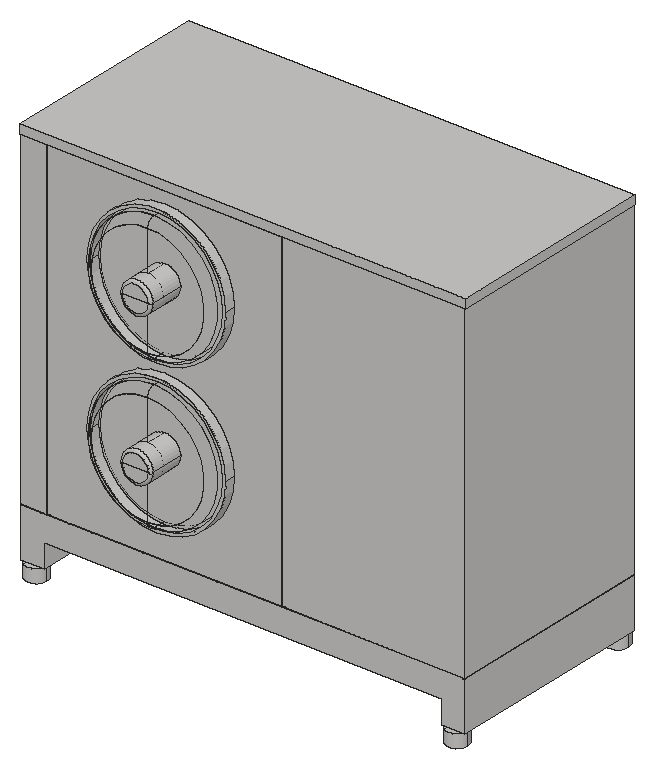
Revit family "QF_NuovAIR_CU-N260T1----", category Specialty Equipment, Revit 2019
Family settings
  Round Connector Dimension = Use Diameter
  Part Type = Normal
  Work Plane-Based = No
  Always vertical = Yes
  Cut with Voids When Loaded = No
  Shared = No
  Room Calculation Point = No
Parameters (values of type "CU-N260T1_400V 50A")
  Weight = 471.00 kg
  Volts = 400 V
  Volt Free Conn = no
  URL Manufacturer = "https://www.nuovair.com/"
  URL Cutsheet = "N260T1-en-1.pdf"
  URL = ""
  Show Logo [instance] = yes
  Show Clearance [instance] = no
  Refrigeration Suction Line Size = 35 mm
  Refrigeration Liquid Line Size = 18 mm
  Refrigeration Energy Efficiency Index = ""
  Refrigeration Climate Class = ""
  Refrigerant Type = "R452a"
  Refrigerant Compressor Remote = no
  Potential Equalisation = yes
  Phase = 3
  Number of Poles = 3
  Model = "CU-N260T1"
  Mat_Legs = QF_Stainless-Brushed
  Mat_Clearance = QF_Clearance
  Mat_Case = QF_Stainless-Brushed
  Masterspec = ""
  Manufacturer = "NUOVAIR"
  Main switch integrated = no
  Length Actual = 1700 mm  # constant formula
  Legs_R = 40 mm  # constant formula
  Keynote = "0"
  Item Number = "CU-N260T1"
  Identify Quantity as Lot = no
  Horse Power = "15"
  Height Actual = 1545 mm  # constant formula
  Foodservice Equipment Identifier = yes
  Energy Efficiency Labelling = ""
  FL Amps = 29 A
  Electric power = 14500000 W
  Elec Connection Height = 400 mm
  Ele_Note = ""
  Direct Waste Size = 0 mm
  Direct Waste Connection Height = 0 mm
  Description = "Condensing Unit"
  Description_FR = ""
  Description_ES = ""
  Description_EN = ""
  Description_DE = ""
  Depth Actual = 945 mm  # constant formula
  Cycle = 50 Hz
  Conn Plug = "terminal block"
  CE Approved = yes
  Author = ""
  Accessory = no
Types (3, lengths in mm): name | Volts | FL Amps | Cycle
  CU-N260T1_400V 50A | 400 V | 29 A | 50 Hz
  CU-N260T1_440V 60A | 440 V | 31.9 A | 60 Hz
  CU-N260T1_230V 60A | 230 V | 60.5 A | 60 Hz
Reference planes
  plane 1 "Center (Front/Back)": y = 0
  plane 2: z = 0
  plane 3 "Center (Left/Right)": x = 0
  plane 4 "SX": x = -850
  plane 5 "DX": x = 850
  plane 6: y = -945
  plane 7: y = -2945
  plane 8 "top": z = 1545
  plane 9: y = 500
  plane 10: x = 1350
  plane 11: x = -1350
  plane 12 "Base": z = 140
  plane 13: z = 1510
  plane 14 "Logo_N": z = 50
  plane 15: x = -805
  plane 16: x = 805
  plane 17: y = -17.5
  plane 18: y = -787.5
  plane 19: y = -805
  plane 20 "Ventilator_X": x = -300
  plane 21 "Ventilator_Z_01": z = 620
  plane 22 "Ventilator_Z_02": z = 1200
  plane 23: z = 240
  plane 24: x = -750
  plane 25: x = 150
  plane 26: y = -100
Forms (mm)
  Extrusion 1, solid, material "QF_Clearance" <- "Mat_Clearance", visible <- "Show Clearance"
    sketch origin (0, 0, 0) x (1, 0, 0) y (0, 1, 0)
      loop
        line (-850, 500) -> (-850, -2945) -> (850, -2945) -> (850, 500) -> (-850, 500)
    from 0 to 1545
  Extrusion 2, solid, material "QF_Clearance" <- "Mat_Clearance", visible <- "Show Clearance"
    sketch origin (0, 0, 0) x (1, 0, 0) y (0, 1, 0)
      loop
        line (-850, 0) -> (-850, -945) -> (850, -945) -> (850, 0) -> (-850, 0)
    from 0 to 1545
  Extrusion 3, solid, material "QF_Stainless-Brushed" <- "Mat_Case", detail levels medium+fine
    sketch origin (0, 0, 140) x (-1, 0, 0) y (0, -1, 0)
      loop
        line (850, 0) -> (850, 805) -> (-850, 805) -> (-850, 0) -> (850, 0)
    from 0 to 1370
  Extrusion 4, solid, material "QF_Clearance", visible <- "Show Clearance"
    sketch origin (0, 0, 0) x (1, 0, 0) y (0, 1, 0)
      loop
        line (-1350, -945) -> (1350, -945) -> (1350, 0) -> (-1350, 0) -> (-1350, -945)
    from 0 to 1545
  Extrusion 5, solid, material "QF_Stainless-Brushed" <- "Mat_Legs", detail levels medium+fine
    sketch origin (0, 0, 0) x (1, 0, 0) y (0, 1, 0)
      loop
        circle (-805, -17.5) r 40
      loop
        circle (805, -17.5) r 40
      loop
        circle (-805, -787.5) r 40
      loop
        circle (805, -787.5) r 40
    from 0 to 50
  Extrusion 6, solid, material "QF_Stainless-Brushed" <- "Mat_Case", detail levels medium+fine
    sketch origin (0, 0, 140) x (-1, 0, 0) y (0, -1, 0)
      loop
        line (850, 805) -> (760, 805) -> (760, 0) -> (850, 0) -> (850, 805)
      loop
        line (-760, 805) -> (-850, 805) -> (-850, 0) -> (-760, 0) -> (-760, 805)
    from -90 to 0
  Extrusion 7, solid, material "QF_Stainless-Brushed", detail levels medium+fine
    sketch origin (-1430.553, -1524, 1510) x (-1, 0, 0) y (0, -1, 0)
      loop
        line (-578.553, -1526) -> (-578.553, -717) -> (-2282.553, -717) -> (-2282.553, -1526) -> (-578.553, -1526)
    from 0 to 35
  Sweep 8, void
    path origin (-1430.553, -1524, 240) x (-1, 0, 0) y (0, -1, 0)
      loop
        line (-580.553, -719) -> (-2280.553, -719) -> (-2280.553, -1524) -> (-580.553, -1524) -> (-580.553, -719)
    profile "PRF_scalpel : PRF_scalpel" origin (0, -805, 240) x (0, 1, 0) y (0, 0, 1)
      loop
        line (1, 0) -> (-1, 2) -> (-51, 2) -> (-51, -2) -> (-1, -2) -> (1, 0)
  Sweep 9, void
    path origin (-1543.062, -805, 7500) x (-1, 0, 0) y (0, 0, 1)
      loop
        line (-793.062, -5990) -> (-793.062, -7260)
    profile "PRF_scalpel : PRF_scalpel" origin (-750, -805, 875) x (-1, 0, 0) y (0, 1, 0)
      loop
        line (0, 1) -> (-2, -1) -> (-2, -51) -> (2, -51) -> (2, -1) -> (0, 1)
  Sweep 10, void
    path origin (-383.062, -805, 7500) x (-1, 0, 0) y (0, 0, 1)
      loop
        line (-533.062, -5990) -> (-533.062, -7260)
    profile "PRF_scalpel : PRF_scalpel" origin (150, -805, 875) x (-1, 0, 0) y (0, 1, 0)
      loop
        line (0, 1) -> (-2, -1) -> (-2, -51) -> (2, -51) -> (2, -1) -> (0, 1)
  Sweep 11, void
    path origin (-850, 180.447, 4000) x (0, 1, 0) y (0, 0, 1)
      loop
        line (-280.447, -2490) -> (-280.447, -3760)
    profile "PRF_scalpel : PRF_scalpel" origin (-850, -100, 875) x (0, 1, 0) y (1, 0, 0)
      loop
        line (0, 1) -> (-2, -1) -> (-2, -51) -> (2, -51) -> (2, -1) -> (0, 1)
  Sweep 12, void
    path origin (0, 0, 0) x (1, 0, 0) y (0, 0, 1)
      loop
        line (150, 1510) -> (150, 240)
    profile "PRF_scalpel : PRF_scalpel" origin (150, 0, 875) x (1, 0, 0) y (0, -1, 0)
      loop
        line (0, 1) -> (-2, -1) -> (-2, -51) -> (2, -51) -> (2, -1) -> (0, 1)
  Sweep 13, void
    path origin (-760, 0, 0) x (1, 0, 0) y (0, 0, 1)
      loop
        line (10, 1510) -> (10, 240)
    profile "PRF_scalpel : PRF_scalpel" origin (-750, 0, 875) x (1, 0, 0) y (0, -1, 0)
      loop
        line (0, 1) -> (-2, -1) -> (-2, -51) -> (2, -51) -> (2, -1) -> (0, 1)
Cuts and joins
  joined: Extrusion 1, Extrusion 2
  Sweep 8, Sweep 9, Sweep 10, Sweep 11, Sweep 12, Sweep 13 cuts Extrusion 3
  joined: Extrusion 3, Extrusion 6
Lines and regions (mm)
  model lines, style "InvisibleLines"
    curve 1: line (-50, 0, 0) -> (50, 0, 0)
    curve 2: line (0, 50, 0) -> (0, -50, 0)
  model lines, style "QF_Case", detail levels coarse
    curve 3: line (-850, 0, 0) -> (850, 0, 0)
    curve 4: line (-850, -945, 0) -> (-850, 0, 0)
    curve 5: line (850, -945, 0) -> (-850, -945, 0)
    curve 6: line (850, 0, 0) -> (850, -945, 0)
    curve 7: line (850, -945, 1545) -> (850, -945, 0)
    curve 8: line (850, 0, 1545) -> (850, 0, 0)
    curve 9: line (-850, -945, 1545) -> (-850, -945, 0)
    curve 10: line (-850, 0, 1545) -> (-850, 0, 0)
    curve 11: line (-850, 0, 1545) -> (850, 0, 1545)
    curve 12: line (-850, -945, 1545) -> (-850, 0, 1545)
    curve 13: line (850, -945, 1545) -> (-850, -945, 1545)
    curve 14: line (850, 0, 1545) -> (850, -945, 1545)
Dimensions and locks
  curve 1 to plane 3 "Center (Left/Right)" to curve 1 = 50 mm locked, 50 mm locked
  curve 2 to plane 1 "Center (Front/Back)" to curve 2 = 50 mm locked, 50 mm locked
  "Height Actual": plane 8 "top" to level
  "Depth Actual": plane 6 to plane 1 "Center (Front/Back)"
  equal spacing: plane 4 "SX", plane 3 "Center (Left/Right)", plane 5 "DX"
  "Length Actual": plane 4 "SX" to plane 5 "DX"
  plane 6 to plane 1 "Center (Front/Back)" = 945 mm
  locked: plane 1 "Center (Front/Back)" to plane 9 at 500
  locked: plane 6 to plane 7 at 2000
  locked: plane 5 "DX" to plane 10 at 500
  locked: plane 11 to plane 4 "SX" at 500
  locked: plane 12 "Base" to Extrusion 4 at 140
  plane 8 "top" to plane 13 = 35 mm
  locked: plane 14 "Logo_N" to plane 2 at 50
  locked: plane 4 "SX" to plane 15 at 45
  locked: plane 16 to plane 5 "DX" at 45
  locked: plane 17 to plane 1 "Center (Front/Back)" at 17.5
  locked: plane 18 to plane 19 at 17.5
  locked: plane 4 "SX" to Extrusion 6 sketch curve at 90
  locked: Extrusion 6 sketch curve to plane 5 "DX" at 90
  locked: Extrusion 7 sketch curve to plane 4 "SX" at 2
  locked: plane 5 "DX" to Extrusion 7 sketch curve at 2
  locked: plane 19 to Extrusion 7 sketch curve at 2
  locked: plane 1 "Center (Front/Back)" to Extrusion 7 sketch curve at 2
  plane 17 to plane 18 = 770 mm
  locked: plane 19 to plane 1 "Center (Front/Back)" at 805
  plane 19 to plane 6 = 140 mm
  locked: plane 20 "Ventilator_X" to plane 4 "SX" at 550
  locked: plane 21 "Ventilator_Z_01" to plane 2 at 620
  locked: plane 22 "Ventilator_Z_02" to plane 21 "Ventilator_Z_01" at 580
  locked: plane 23 to plane 12 "Base" at 100
  locked: plane 4 "SX" to plane 24 at 100
  locked: plane 4 "SX" to plane 25 at 1000
  locked: plane 26 to plane 1 "Center (Front/Back)" at 100
  "Legs_R": radius of Extrusion 5 sketch curve  (x4)
  aligned and locked: level to plane 2
  aligned and locked: Extrusion 1 sketch curve to plane 4 "SX"
  aligned and locked: plane 7 to Extrusion 1 sketch curve
  aligned and locked: Extrusion 1 sketch curve to plane 5 "DX"
  aligned and locked: plane 8 "top" to Extrusion 1
  aligned and locked: plane 1 "Center (Front/Back)" to curve 3
  aligned and locked: plane 6 to curve 5
  aligned and locked: curve 6 to plane 5 "DX"
  aligned and locked: plane 4 "SX" to curve 4
  aligned and locked: plane 8 "top" to curve 8
  aligned and locked: plane 8 "top" to curve 7
  aligned and locked: plane 8 "top" to curve 10
  aligned and locked: plane 8 "top" to curve 9
  aligned and locked: level to curve 8
  aligned and locked: level to curve 7
  aligned and locked: level to curve 10
  aligned and locked: level to curve 9
  aligned and locked: curve 8 to plane 1 "Center (Front/Back)"
  aligned and locked: curve 10 to plane 1 "Center (Front/Back)"
  aligned and locked: plane 6 to curve 7
  aligned and locked: plane 6 to curve 9
  aligned and locked: plane 1 "Center (Front/Back)" to Extrusion 2 sketch curve
  aligned and locked: plane 6 to Extrusion 2 sketch curve
  aligned and locked: plane 8 "top" to Extrusion 2
  aligned and locked: plane 1 "Center (Front/Back)" to curve 11
  aligned and locked: plane 6 to curve 13
  aligned and locked: plane 1 "Center (Front/Back)" to Extrusion 3 sketch curve
  aligned and locked: Extrusion 3 sketch curve to plane 5 "DX"
  aligned and locked: plane 4 "SX" to Extrusion 3 sketch curve
  aligned and locked: plane 1 "Center (Front/Back)" to nested 1
  aligned and locked: plane 1 "Center (Front/Back)" to nested 2
  aligned and locked: plane 5 "DX" to nested 1
  aligned and locked: plane 5 "DX" to nested 2
  aligned and locked: Extrusion 1 sketch curve to plane 9
  aligned and locked: Extrusion 4 sketch curve to plane 11
  aligned and locked: plane 10 to Extrusion 4 sketch curve
  aligned and locked: Extrusion 4 sketch curve to plane 6
  aligned and locked: Extrusion 4 sketch curve to plane 1 "Center (Front/Back)"
  aligned and locked: plane 8 "top" to Extrusion 4
  aligned and locked: Extrusion 4 to level
  aligned and locked: Extrusion 3 to plane 12 "Base"
  aligned and locked: plane 13 to Extrusion 3
  aligned and locked: plane 15 to Extrusion 5 sketch curve  (x2)
  aligned and locked: plane 16 to Extrusion 5 sketch curve  (x2)
  aligned and locked: plane 18 to Extrusion 5 sketch curve  (x2)
  aligned and locked: plane 17 to Extrusion 5 sketch curve  (x2)
  aligned and locked: Extrusion 5 to level
  aligned and locked: plane 14 "Logo_N" to Extrusion 5
  aligned and locked: Extrusion 6 sketch curve to plane 4 "SX"
  aligned and locked: plane 5 "DX" to Extrusion 6 sketch curve
  aligned and locked: Extrusion 6 sketch curve to plane 1 "Center (Front/Back)"  (x2)
  aligned and locked: Extrusion 6 sketch curve to plane 19  (x2)
  aligned and locked: Extrusion 6 to plane 14 "Logo_N"
  aligned and locked: plane 12 "Base" to Extrusion 6
  aligned and locked: plane 19 to Extrusion 3 sketch curve
  aligned and locked: Extrusion 7 to plane 13
  aligned and locked: plane 8 "top" to Extrusion 7
  aligned and locked: plane 5 "DX" to nested 3
  aligned and locked: plane 1 "Center (Front/Back)" to nested 3
  aligned and locked: nested 4 to plane 20 "Ventilator_X"
  aligned and locked: plane 22 "Ventilator_Z_02" to nested 4
  aligned and locked: plane 21 "Ventilator_Z_01" to nested 5
  aligned and locked: nested 5 to plane 20 "Ventilator_X"
  aligned and locked: Sweep 8 sketch curve to plane 1 "Center (Front/Back)"
  aligned and locked: Sweep 8 sketch curve to plane 19
  aligned and locked: Sweep 8 sketch curve to plane 4 "SX"
  aligned and locked: plane 5 "DX" to Sweep 8 sketch curve
  aligned and locked: plane 13 to Sweep 9 sketch curve
  aligned and locked: plane 23 to Sweep 9 sketch curve
  aligned and locked: Sweep 9 sketch curve to plane 24
  aligned and locked: plane 13 to Sweep 10 sketch curve
  aligned and locked: plane 23 to Sweep 10 sketch curve
  aligned and locked: Sweep 10 sketch curve to plane 25
  aligned and locked: plane 13 to Sweep 11 sketch curve
  aligned and locked: plane 23 to Sweep 11 sketch curve
  aligned and locked: plane 26 to Sweep 11 sketch curve
  aligned and locked: plane 13 to Sweep 12 sketch curve
  aligned and locked: plane 23 to Sweep 12 sketch curve
  aligned and locked: plane 25 to Sweep 12 sketch curve
  aligned and locked: plane 13 to Sweep 13 sketch curve
  aligned and locked: plane 23 to Sweep 13 sketch curve
  aligned and locked: plane 24 to Sweep 13 sketch curve
Automatic sketch dimensions
  curve 2 to plane 3 "Center (Left/Right)" = 0 mm
  plane 1 "Center (Front/Back)" to curve 1 = 0 mm
  curve 11 to plane 5 "DX" = 0 mm
  curve 13 to plane 4 "SX" = 0 mm
  Extrusion 2 sketch curve to plane 4 "SX" = 0 mm
  Extrusion 2 sketch curve to plane 5 "DX" = 0 mm
Nested families
  nested 1: "Connection_DxSx" at (850, 0, 977), type "KTM", not visible
    with Width_DX 0 mm, Width Offset 0 mm, Depth Offset 57.5 mm, DX no
  nested 2: "Connection_DxSx" at (850, 0, 285), type "KTM", not visible
    with Width_DX 0 mm, Width Offset 0 mm, Depth Offset 747.5 mm, DX no
  nested 3: "Connection_DxSx" at (850, 0, 400), built-in parameter 1001364 <- "Elec Connection Height", type "KTM", not visible
    with Width_DX 0 mm, Width Offset 0 mm, Depth Offset 402.5 mm, DX no
  nested 4: "Ventilator_A" at (-300, -805, 1200) x (-1, 0, 0) z (0, -1, 0), Mat_A <- "Mat_Case", Mat_B <- "Mat_Case", type "Ventilator_A", detail levels medium+fine
    with Mat_C QF_Cross20x20, Mat_B QF_Stainless-Brushed, Mat_A QF_Stainless-Brushed
  nested 5: "Ventilator_A" at (-300, -805, 620) x (-1, 0, 0) z (0, -1, 0), Mat_A <- "Mat_Case", Mat_B <- "Mat_Case", type "Ventilator_A", detail levels medium+fine
    with Mat_C QF_Cross20x20, Mat_B QF_Stainless-Brushed, Mat_A QF_Stainless-Brushed
Connectors
  piping at (850.5, -57.5, 977), diameter 35, driven by "Refrigeration Suction Line Size"
    settings: on nested 1, index 3, connector inside diameter 609.6 mm, connector length 0 mm, flow factor 0, pipe flow 0.0 L/s, pressure drop 0.0 Pa, fitting loss kfactor 0, connector angle 0.00°, fixture units 0, engagement length 0 mm, angle of deflection 0.00°, flow configuration 0, flow direction 1, fitting loss method 0, system type 22, joint type 0, gender type 0, connector reference index -1, connector utility 0, adjustable connector no, is connector primary yes, connector description "Suction Line"
  piping at (850.5, -747.5, 285), diameter 18, driven by "Refrigeration Liquid Line Size"
    settings: on nested 2, index 4, connector inside diameter 609.6 mm, connector length 0 mm, flow factor 0, pipe flow 0.0 L/s, pressure drop 0.0 Pa, fitting loss kfactor 0, connector angle 0.00°, fixture units 0, engagement length 0 mm, angle of deflection 0.00°, flow configuration 0, flow direction 2, fitting loss method 0, system type 22, joint type 0, gender type 0, connector reference index -1, connector utility 0, adjustable connector no, is connector primary no, connector description "Liquid Line"
  electrical at (850.5, -402.5, 400), driven by "Number of Poles", driven by "Volts", driven by "Electric power", driven by "Ele_Note"
    settings: on nested 3, index 5, voltage 400 V, apparent load 14500000 VA, apparent load phase1 0 VA, apparent load phase2 0 VA, apparent load phase3 0 VA, power factor 1, load classification "Power", number of poles 3, system type 30, power factor state 1, is connector primary yes, connector utility no, sub classification motor no, connector description ""
Definition of nested family "Connection_DxSx"
  Parameters (values of type "KTM")
    Width_DX [instance] = if(DX, Width Offset * 2, 0 mm)  # 120 mm
    Width Offset [instance] = 60 mm
    Manufacturer = "Gjiom by www.RevitLandia.com"  # constant formula
    Depth Offset [instance] = 50 mm
    Default Elevation = 0 mm
    DX [instance] = yes
  Reference planes
    plane 1 "Center (Front/Back)": y = 0
    plane 2: z = 0
    plane 3 "Center (Left/Right)": x = 0
    plane 4 "Depth Offset": y = -50
    plane 5: x = 60
    plane 6: x = -60
  Forms (mm)
    Extrusion 1, solid
      sketch origin (0, 0, 0) x (1, 0, 0) y (0, 1, 0)
        loop
          circle (60, -50) r 15
      from -0.5 to 0.5
    Extrusion 2, solid
      sketch origin (0, -50, 0) x (-1, 0, 0) y (0, 0, 1)
        loop
          circle (-60, 0) r 15
      from -0.5 to 0.5
    Extrusion 3, solid
      sketch origin (60, 93.537, 4000) x (0, 1, 0) y (0, 0, 1)
        loop
          circle (-143.537, -4000) r 15
      from -0.5 to 0.5
  Lines and regions (mm)
    model lines
      curve 1: line (0, 0, 0) -> (0, -20, 0)
  Dimensions and locks
    "Depth Offset": plane 1 "Center (Front/Back)" to plane 4 "Depth Offset"
    "Width Offset": plane 6 to plane 3 "Center (Left/Right)"
    "Width_DX": plane 6 to plane 5
    aligned and locked: level to plane 2
    aligned and locked: plane 4 "Depth Offset" to Extrusion 1 sketch curve
    aligned and locked: level to Extrusion 2 sketch curve
    aligned and locked: level to Extrusion 3 sketch curve
    aligned and locked: plane 4 "Depth Offset" to Extrusion 3 sketch curve
    aligned and locked: plane 5 to Extrusion 1 sketch curve
    aligned and locked: plane 5 to Extrusion 2 sketch curve
  Automatic sketch dimensions
    curve 1 to plane 3 "Center (Left/Right)" = 0 mm
    plane 1 "Center (Front/Back)" to curve 1 = 0 mm
    plane 1 "Center (Front/Back)" to curve 1 = 20 mm
    radius of Extrusion 1 sketch curve = 15 mm
    radius of Extrusion 2 sketch curve = 15 mm
    radius of Extrusion 3 sketch curve = 15 mm
Definition of nested family "Ventilator_A"
  Parameters (values of type "Ventilator_A")
    Mat_C [instance] = none
    Mat_A [instance] = none
    Default Elevation = 1219.2 mm
    Mat_B [instance] = none
  Reference planes
    plane 1 "Centro (Fronte/Retro)": y = 0
    plane 2: z = 0
    plane 3 "Centro (Sinistra/Destra)": x = 0
    plane 4: z = 40
    plane 5: z = 80
    plane 6: z = 140
  Forms (mm)
    Extrusion 1, solid, material <- "Mat_A"
      sketch origin (0, 0, 0) x (1, 0, 0) y (0, 1, 0)
        loop
          circle (0, 0) r 265
        loop
          circle (0, 0) r 255
      from 0 to 40
    Revolve 2, solid, material <- "Mat_B"
      sketch origin (0, 0, 0) x (1, 0, 0) y (0, 0, 1)
        loop
          arc (-50, 140) -> (-57.071, 137.071) -> (-60, 130) r 10
          line (-60, 130) -> (-60, 0) -> (0, 0) -> (0, 140) -> (-50, 140)
        axis (0, 140) -> (0, 0)
      angle from 0 to 360
    Revolve 3, solid, material <- "Mat_C"
      sketch origin (0, 0, 0) x (0, 1, 0) y (0, 0, 1)
        loop
          arc (-215, 80) -> (-236.213, 71.213) -> (-245, 50) r 30
          line (-245, 50) -> (-245, 0) -> (-60, 0) -> (-60, 80) -> (-215, 80)
        axis (0, 0) -> (0, 80)
      angle from 0 to 360
  Dimensions and locks
    locked: plane 4 to level at 40
    locked: plane 5 to level at 80
    locked: plane 6 to level at 140
    locked: plane 3 "Centro (Sinistra/Destra)" to Revolve 2 sketch curve at 60
    locked: Revolve 3 sketch curve to plane 1 "Centro (Fronte/Retro)" at 60
    locked: Revolve 3 sketch curve to plane 1 "Centro (Fronte/Retro)" at 245
    aligned and locked: level to plane 2
    aligned and locked: plane 3 "Centro (Sinistra/Destra)" to Extrusion 1 sketch curve  (x2)
    aligned and locked: plane 1 "Centro (Fronte/Retro)" to Extrusion 1 sketch curve  (x2)
    aligned and locked: Extrusion 1 to level
    aligned and locked: plane 4 to Extrusion 1
    aligned and locked: Revolve 2 sketch curve to plane 3 "Centro (Sinistra/Destra)"  (x2)
    aligned and locked: Revolve 2 sketch curve to plane 6
    aligned and locked: level to Revolve 2 sketch curve
    aligned and locked: Revolve 3 sketch curve to plane 5
    aligned and locked: plane 2 to Revolve 3 sketch curve
    aligned and locked: Revolve 3 sketch curve to plane 1 "Centro (Fronte/Retro)"
